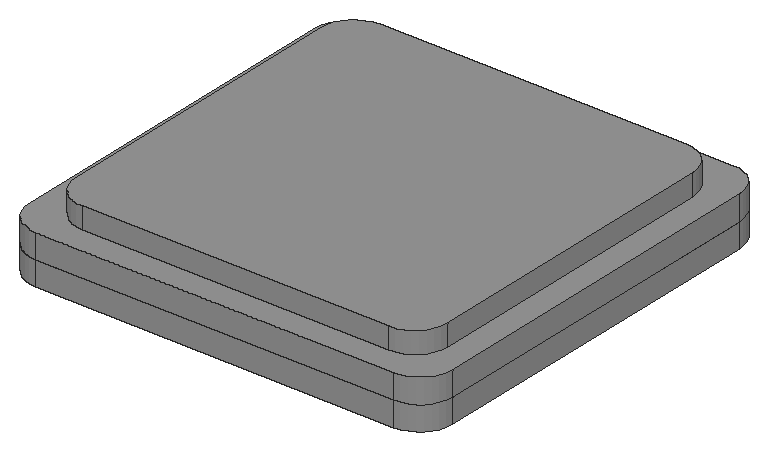
Revit family "FMS2_63_UN_Surface-mounted_ETK", category Lighting Fixtures, Revit 2019 (continued)
Definition of nested family "FMS.2 - Lightsource"
  Types (14, lengths in mm): name | Wattage Comments | Wattage | built-in parameter 1150134 | Photometric Web File | built-in parameter 1150142 | built-in parameter 1150105 | Lumens | built-in parameter 1150107 | built-in parameter 1150106 | Apparent Load
      702\t236.7034\t232.9747\t229.1079\t225.3792\r\n221.5124\t217.7837\t214.055\t210.3263\t206.4595\t202.7308\t199.0021\t195.2734\t190.9923\t186.7112\r\n182.5682\t178.2871\t174.1441\t170.0011\t165.8581\t161.7151\t157.5721\t153.4291\t149.4242\t145.2812\r\n141.2763\t137.2438\t133.2389\t129.2478\t125.2705\t121.307\t117.3574\t113.4353\t109.5685\t105.8675\r\n102.1802\t98.5205\t94.8609\t91.2012\t87.583\t83.9786\t80.4018\t76.8388\t73.3035\t69.7819\r\n66.288\t62.7941\t59.3278\t55.8615\t52.4228\t47.3821\t37.7704\t28.1586\t18.533\t8.9033\r\n0\t0\t0\t0\t0\t0\t0\t0\t0\t0\r\n0\r\n502.9602\t502.5459\t501.9935\t501.7173\t501.4411\t501.1649\t500.8887\t500.4744\t500.0601\t499.6458\r\n499.2315\t498.6791\t498.1267\t497.5743\t496.8838\t496.1933\t495.5028\t494.8123\t493.9837\t493.1551\r\n492.1884\t491.2217\t490.3931\t489.4264\t488.4597\t487.493\t486.3882\t485.1453\t483.9024\t482.6595\r\n481.4166\t480.1737\t478.7927\t477.2736\t475.8926\t474.3735\t472.8544\t471.4734\t469.8162\t468.159\r\n466.5018\t464.8446\t463.1874\t461.5302\t459.7349\t457.9396\t456.0062\t454.2109\t452.2775\t450.206\r\n448.2726\t446.3392\t444.2677\t442.1962\t440.1247\t437.9151\t435.8436\t433.634\t431.5625\t429.2148\r\n427.0052\t424.6575\t422.3098\t420.1002\t417.7525\t415.2667\t412.2285\t409.1903\t406.014\t402.8377\r\n399.6614\t396.4851\t393.3088\t390.2706\t387.0943\t383.7799\t380.6036\t377.2892\t374.1129\t370.7985\r\n367.4841\t364.1697\t360.9934\t357.679\t354.3646\t350.9121\t347.5977\t344.1452\t340.8308\t337.5164\r\n334.0639\t330.6114\t327.1589\t323.8445\t320.392\t317.0776\t313.6251\t310.1726\t306.7201\t303.2676\r\n299.8151\t296.3626\t292.9101\t289.5957\t286.1432\t282.6907\t279.2382\t275.7857\t272.057\t268.1902\r\n264.1853\t260.1804\t256.3136\t252.3087\t248.1657\t244.1608\t240.1559\t236.2891\t232.2842\t228.2793\r\n224.4125\t220.4076\t216.5408\t212.5359\t208.6691\t204.6642\t200.7974\t196.9306\t193.0638\t189.197\r\n185.3302\t181.6015\t177.7347\t174.006\t170.1392\t165.9962\t161.7151\t157.5721\t153.291\t149.148\r\n145.005\t140.862\t136.7742\t132.6727\t128.5849\t124.5248\t120.4922\t116.5012\t112.5239\t108.5742\r\n104.6384\t100.7163\t96.8081\t93.038\t89.4059\t85.8153\t82.2385\t78.7032\t75.1816\t71.6877\r\n68.2214\t64.7689\t61.344\t57.933\t54.5495\t51.1799\t47.824\t44.482\t34.9807\t24.9409\r\n14.8872\t4.8073\t0\t0\t0\t0\t0\t0\t0\t0\r\n0\r\n502.9602\t502.5459\t502.1316\t501.9935\t501.7173\t501.5792\t501.303\t501.0268\t500.6125\t500.3363\r\n499.922\t499.3696\t498.8172\t498.2648\t497.7124\t497.16\t496.4695\t495.779\t494.9504\t494.1218\r\n493.2932\t492.3265\t491.4979\t490.6693\t489.7026\t488.5978\t487.493\t486.2501\t485.0072\t483.7643\r\n482.5214\t481.1404\t479.7594\t478.3784\t476.8593\t475.3402\t473.9592\t472.302\t470.6448\t468.9876\r\n467.3304\t465.6732\t463.8779\t462.2207\t460.2873\t458.492\t456.4205\t454.4871\t452.5537\t450.4822\r\n448.4107\t446.3392\t444.2677\t442.0581\t439.9866\t437.777\t435.5674\t433.2197\t430.872\t428.5243\r\n426.3147\t423.8289\t421.4812\t419.1335\t416.6477\t414.1619\t411.538\t408.9141\t406.4283\t403.8044\r\n401.3186\t398.6947\t395.9327\t393.3088\t390.6849\t387.9229\t385.1609\t381.9846\t378.6702\t375.3558\r\n371.9033\t368.5889\t365.1364\t361.6839\t358.3695\t354.917\t351.4645\t348.012\t344.4214\t340.9689\r\n337.5164\t334.0639\t330.4733\t326.8827\t323.4302\t319.9777\t316.3871\t312.6584\t309.0678\t305.6153\r\n302.0247\t298.4341\t294.8435\t291.2529\t287.6623\t284.0717\t280.4811\t276.8905\t273.2999\t269.5712\r\n265.9806\t262.39\t258.7994\t255.0707\t251.4801\t247.8895\t244.2989\t240.5702\t236.9796\t233.2509\r\n229.1079\t224.9649\t220.96\t216.817\t212.674\t208.531\t204.5261\t200.5212\t196.3782\t192.3733\r\n188.3684\t184.3635\t180.3586\t176.3537\t172.4869\t168.482\t164.6152\t160.6103\t156.7435\t152.8767\r\n149.0099\t145.2812\t141.4144\t137.2576\t133.0179\t128.8197\t124.6491\t120.5475\t116.4735\t112.4134\r\n108.3809\t104.3622\t100.3849\t96.4352\t92.4994\t88.605\t84.7244\t80.899\t77.1979\t73.6902\r\n70.21\t66.7713\t63.3741\t60.0045\t56.6624\t53.3342\t50.0198\t46.733\t43.4739\t40.2147\r\n33.434\t22.676\t11.8849\t1.0588\t0\t0\t0\t0\t0\t0\r\n0\r\n502.9602\t502.684\t502.2697\t502.1316\t502.1316\t501.9935\t501.7173\t501.5792\t501.303\t500.8887\r\n500.6125\t500.0601\t499.6458\t499.2315\t498.6791\t498.1267\t497.4362\t496.7457\t496.0552\t495.2266\r\n494.398\t493.5694\t492.7408\t491.9122\t490.9455\t489.8407\t488.5978\t487.493\t486.3882\t485.2834\r\n483.9024\t482.5214\t481.0023\t479.6213\t478.2403\t476.8593\t475.2021\t473.683\t472.0258\t470.3686\r\n468.7114\t466.9161\t465.1208\t463.3255\t461.3921\t459.4587\t457.5253\t455.4538\t453.5204\t451.4489\r\n449.3774\t447.1678\t445.0963\t442.8867\t440.6771\t438.3294\t435.9817\t433.634\t431.2863\t428.9386\r\n426.4528\t423.967\t421.6193\t418.9954\t416.5096\t413.8857\t411.2618\t408.6379\t405.8759\t403.252\r\n400.49\t397.8661\t395.1041\t392.3421\t389.442\t386.68\t383.7799\t381.0179\t377.9797\t375.0796\r\n372.1795\t369.2794\t366.3793\t363.3411\t360.3029\t357.2647\t354.2265\t351.1883\t348.1501\t345.1119\r\n341.9356\t338.8974\t335.8592\t332.1305\t328.4018\t324.8112\t321.2206\t317.4919\t313.9013\t310.1726\r\n306.4439\t302.7152\t299.1246\t295.3959\t291.6672\t287.8004\t284.0717\t280.343\t276.4762\t272.7475\r\n269.0188\t265.2901\t261.4233\t257.6946\t253.8278\t250.0991\t246.2323\t242.5036\t238.6368\t234.77\r\n231.0413\t227.3126\t223.4458\t219.579\t215.8503\t211.9835\t208.2548\t204.5261\t200.7974\t196.9306\r\n193.2019\t189.4732\t185.4683\t181.3253\t177.0442\t172.9012\t168.7582\t164.6152\t160.6103\t156.4673\r\n152.4624\t148.3194\t144.3145\t140.3096\t136.3047\t132.355\t128.4882\t124.6629\t120.8237\t117.0121\r\n113.2282\t109.4304\t105.2184\t101.0754\t97.0152\t93.0103\t89.0469\t85.111\t81.2166\t77.3636\r\n73.5521\t69.7819\t66.067\t62.4074\t59.0239\t55.6819\t52.3675\t49.0669\t45.8078\t42.5624\r\n39.3447\t36.1546\t32.9921\t21.5298\t9.4198\t0\t0\t0\t0\t0\r\n0\r\n502.9602\t502.684\t502.4078\t502.4078\t502.4078\t502.2697\t502.2697\t501.9935\t501.8554\t501.5792\r\n501.303\t500.8887\t500.4744\t500.0601\t499.6458\t499.0934\t498.541\t497.8505\t497.16\t496.3314\r\n495.6409\t494.8123\t494.1218\t493.2932\t492.3265\t491.2217\t490.1169\t489.0121\t488.0454\t486.8025\r\n485.4215\t484.0405\t482.6595\t481.4166\t480.0356\t478.5165\t476.9974\t475.3402\t473.8211\t472.1639\r\n470.3686\t468.5733\t466.778\t464.9827\t463.0493\t461.1159\t459.1825\t457.2491\t455.1776\t453.1061\r\n450.8965\t448.825\t446.6154\t444.4058\t442.1962\t439.8485\t437.5008\t435.1531\t432.6673\t430.1815\r\n427.6957\t425.348\t422.7241\t420.1002\t417.4763\t414.8524\t412.2285\t409.4665\t406.7045\t403.9425\r\n401.3186\t398.5566\t395.6565\t392.7564\t389.8563\t386.9562\t384.0561\t381.0179\t378.1178\t375.0796\r\n372.0414\t369.1413\t366.1031\t362.9268\t359.7505\t356.7123\t353.536\t350.3597\t347.1834\t344.1452\r\n340.9689\t337.5164\t334.202\t331.0257\t327.8494\t324.535\t321.2206\t317.7681\t314.4537\t311.1393\r\n307.8249\t304.5105\t301.1961\t297.7436\t294.2911\t290.8386\t287.248\t283.9336\t280.6192\t277.1667\r\n273.5761\t270.1236\t266.6711\t263.0805\t259.628\t255.7612\t251.8944\t247.8895\t243.8846\t239.8797\r\n236.0129\t232.008\t228.1412\t224.1363\t220.1314\t215.9884\t211.9835\t208.1167\t204.1118\t200.1069\r\n196.102\t192.0971\t188.0922\t184.2254\t180.3586\t176.4918\t172.4869\t168.482\t164.4771\t160.6103\r\n156.7435\t152.8767\t149.0099\t145.1431\t141.4144\t137.589\t133.7913\t129.7864\t125.6158\t121.4728\r\n117.3712\t113.2696\t109.1957\t105.2046\t101.2411\t97.2776\t93.4108\t89.5855\t85.8015\t82.0866\r\n78.4132\t74.5878\t70.7348\t66.9371\t63.1946\t59.5073\t55.8615\t52.2432\t48.625\t45.0206\r\n41.43\t37.8256\t34.1936\t30.603\t27.0814\t20.2869\t6.702\t0\t0\t0\r\n0\r\n502.9602\t502.8221\t502.5459\t502.684\t502.684\t502.684\t502.684\t502.5459\t502.4078\t502.2697\r\n501.9935\t501.7173\t501.4411\t501.0268\t500.6125\t500.1982\t499.7839\t499.0934\t498.4029\t497.7124\r\n497.0219\t496.3314\t495.779\t494.8123\t493.9837\t492.8789\t491.7741\t490.8074\t489.8407\t488.5978\r\n487.3549\t485.9739\t484.731\t483.35\t482.1071\t480.588\t479.0689\t477.5498\t476.0307\t474.3735\r\n472.5782\t470.921\t469.1257\t467.1923\t465.397\t463.4636\t461.5302\t459.5968\t457.5253\t455.4538\r\n453.3823\t451.3108\t449.1012\t446.8916\t444.5439\t442.3343\t439.9866\t437.5008\t435.015\t432.6673\r\n430.1815\t427.6957\t425.2099\t422.586\t419.9621\t417.2001\t414.4381\t411.8142\t409.0522\t406.2902\r\n403.6663\t400.7662\t397.728\t394.8279\t391.9278\t389.0277\t386.1276\t383.0894\t380.0512\t377.013\r\n374.1129\t370.9366\t367.7603\t364.584\t361.4077\t358.2314\t355.0551\t351.8788\t348.7025\t345.3881\r\n342.0737\t338.7593\t335.4449\t332.1305\t328.8161\t325.3636\t321.9111\t318.5967\t315.2823\t311.9679\r\n308.5154\t304.9248\t301.4723\t297.8817\t294.4292\t290.9767\t287.3861\t283.9336\t280.343\t276.7524\r\n273.1618\t269.5712\t265.8425\t262.2519\t258.6613\t255.0707\t251.342\t247.7514\t244.0227\t240.4321\r\n236.7034\t232.9747\t229.246\t225.3792\t221.7886\t218.0599\t214.3312\t210.6025\t206.7357\t203.007\r\n199.2783\t195.6877\t191.959\t188.2303\t184.3635\t180.4967\t176.768\t172.9012\t169.3106\t165.5819\r\n161.8532\t157.9864\t154.3958\t150.6671\t146.9384\t142.7954\t138.7905\t134.6613\t130.6288\t126.6515\r\n122.688\t118.766\t114.8302\t110.8529\t106.917\t103.1055\t99.3077\t95.5238\t91.7675\t88.0388\r\n84.3515\t80.7609\t77.2808\t73.7454\t69.7957\t65.9013\t62.1864\t58.4992\t54.729\t50.8484\r\n46.9264\t42.1896\t37.3975\t32.5916\t27.8548\t23.9465\t20.3559\t16.8206\t4.1223\t0\r\n0\r\n502.9602\t502.8221\t502.8221\t502.8221\t502.9602\t503.0983\t503.2364\t503.0983\t503.0983\t502.9602\r\n502.8221\t502.5459\t502.2697\t501.9935\t501.7173\t501.303\t500.8887\t500.3363\t499.7839\t499.0934\r\n498.541\t497.9886\t497.4362\t496.6076\t495.779\t494.6742\t493.7075\t492.8789\t491.9122\t490.6693\r\n489.4264\t488.1835\t487.0787\t485.8358\t484.5929\t483.0738\t481.6928\t480.1737\t478.6546\t476.9974\r\n475.3402\t473.683\t472.0258\t470.2305\t468.2971\t466.5018\t464.7065\t462.7731\t460.7016\t458.7682\r\n456.6967\t454.6252\t452.5537\t450.3441\t447.9964\t445.7868\t443.5772\t441.0914\t438.6056\t436.2579\r\n433.9102\t431.4244\t428.9386\t426.3147\t423.6908\t420.9288\t418.3049\t415.5429\t412.919\t410.2951\r\n407.5331\t404.633\t401.5948\t398.8328\t395.9327\t393.0326\t390.1325\t387.0943\t383.918\t381.0179\r\n378.1178\t375.0796\t371.9033\t368.727\t365.5507\t362.3744\t359.1981\t356.0218\t352.8455\t349.393\r\n346.0786\t342.7642\t339.5879\t336.1354\t332.6829\t329.3685\t325.916\t322.6016\t319.4253\t315.9728\r\n312.5203\t308.9297\t305.3391\t301.8866\t298.4341\t294.8435\t291.2529\t287.6623\t284.0717\t280.4811\r\n276.8905\t273.2999\t269.5712\t265.8425\t262.2519\t258.6613\t254.9326\t251.2039\t247.4752\t243.7465\r\n240.0178\t236.2891\t232.5604\t228.6936\t224.9649\t221.0981\t217.3694\t213.5026\t209.7739\t205.9071\r\n202.1784\t198.4497\t194.721\t190.7161\t186.7112\t182.8444\t178.9776\t175.2489\t171.6583\t167.6534\r\n163.7866\t159.9198\t156.053\t152.1862\t148.3194\t144.5907\t140.7239\t137.0642\t133.3494\t129.3997\r\n125.45\t121.6661\t117.8683\t114.2363\t110.6043\t106.9584\t103.2988\t99.6392\t95.9795\t92.5408\r\n89.0883\t85.5115\t81.9347\t78.5513\t75.1816\t71.9225\t68.6633\t65.5008\t62.3383\t59.1482\r\n55.9581\t53.0995\t50.2408\t47.244\t44.2472\t41.2229\t38.2123\t35.5193\t32.8402\t30.4234\r\n14.2519\r\n502.9602\t502.8221\t502.684\t502.684\t502.8221\t502.8221\t502.8221\t502.8221\t502.684\t502.4078\r\n502.2697\t501.9935\t501.7173\t501.303\t501.0268\t500.6125\t500.0601\t499.5077\t498.8172\t498.1267\r\n497.4362\t496.8838\t496.1933\t495.3647\t494.5361\t493.5694\t492.4646\t491.4979\t490.5312\t489.2883\r\n488.0454\t486.8025\t485.5596\t484.1786\t482.9357\t481.4166\t480.0356\t478.5165\t476.9974\t475.2021\r\n473.5449\t471.8877\t470.2305\t468.2971\t466.3637\t464.5684\t462.7731\t460.7016\t458.7682\t456.6967\r\n454.6252\t452.5537\t450.3441\t448.1345\t445.9249\t443.5772\t441.3676\t438.8818\t436.396\t434.0483\r\n431.5625\t429.0767\t426.5909\t423.967\t421.3431\t418.7192\t415.9572\t413.3333\t410.5713\t407.9474\r\n405.1854\t402.2853\t399.3852\t396.4851\t393.585\t390.6849\t387.7848\t384.7466\t381.7084\t378.8083\r\n375.7701\t372.7319\t369.5556\t366.5174\t363.3411\t360.1648\t356.9885\t353.8122\t350.6359\t347.3215\r\n344.0071\t340.6927\t337.3783\t334.0639\t330.6114\t327.297\t323.9826\t320.6682\t317.3538\t314.0394\r\n310.4488\t306.9963\t303.5438\t300.0913\t296.6388\t293.1863\t289.5957\t286.0051\t282.4145\t278.8239\r\n275.3714\t271.7808\t268.1902\t264.4615\t260.8709\t257.1422\t253.5516\t249.961\t246.2323\t242.6417\r\n238.913\t235.3224\t231.5937\t227.865\t224.1363\t220.4076\t216.5408\t212.8121\t209.2215\t205.4928\r\n201.7641\t198.0354\t194.3067\t190.4399\t186.7112\t182.9825\t179.2538\t175.6632\t171.9345\t168.0677\r\n164.2009\t160.3341\t156.7435\t153.1529\t149.5623\t145.4193\t141.2763\t137.1057\t133.0593\t129.1373\r\n125.1738\t121.1551\t117.164\t113.2144\t109.32\t105.536\t101.7935\t97.9267\t94.1013\t90.3726\r\n86.6992\t83.1638\t79.7389\t76.2588\t72.2815\t68.3733\t64.7137\t61.0954\t57.5325\t54.0109\r\n50.5446\t46.6916\t42.8662\t39.0685\t35.2707\t31.473\t27.7167\t24.0156\t6.0239\t0\r\n0\r\n502.9602\t502.8221\t502.5459\t502.5459\t502.5459\t502.5459\t502.5459\t502.4078\t502.2697\t501.9935\r\n501.7173\t501.4411\t501.1649\t500.7506\t500.3363\t499.7839\t499.3696\t498.6791\t498.1267\t497.2981\r\n496.6076\t495.9171\t495.2266\t494.398\t493.5694\t492.4646\t491.3598\t490.3931\t489.4264\t488.1835\r\n486.9406\t485.5596\t484.3167\t482.9357\t481.6928\t480.1737\t478.7927\t477.2736\t475.6164\t473.9592\r\n472.302\t470.5067\t468.8495\t467.0542\t465.1208\t463.3255\t461.3921\t459.4587\t457.3872\t455.4538\r\n453.3823\t451.1727\t449.1012\t446.8916\t444.682\t442.4724\t440.1247\t437.777\t435.4293\t432.9435\r\n430.4577\t428.11\t425.6242\t423.0003\t420.5145\t417.8906\t415.1286\t412.5047\t409.8808\t407.1188\r\n404.4949\t401.7329\t398.8328\t396.0708\t393.1707\t390.2706\t387.3705\t384.4704\t381.4322\t378.5321\r\n375.632\t372.5938\t369.5556\t366.5174\t363.4792\t360.3029\t357.2647\t354.0884\t350.9121\t347.8739\r\n344.6976\t341.3832\t338.0688\t335.0306\t331.7162\t328.4018\t325.0874\t321.773\t318.5967\t315.2823\r\n312.106\t308.6535\t305.201\t301.7485\t298.4341\t295.1197\t291.8053\t288.3528\t284.9003\t281.4478\r\n277.8572\t274.4047\t271.0903\t267.7759\t264.1853\t260.3185\t256.3136\t252.3087\t248.4419\t244.5751\r\n240.5702\t236.5653\t232.6985\t228.6936\t224.8268\t220.8219\t216.817\t212.8121\t208.8072\t204.8023\r\n200.7974\t196.9306\t193.0638\t189.197\t185.1921\t181.1872\t177.3204\t173.3155\t169.4487\t165.4438\r\n161.577\t157.7102\t153.9815\t150.1147\t146.2479\t142.3811\t138.5143\t134.5094\t130.2973\t126.1682\r\n122.0804\t118.0617\t114.0706\t110.1071\t106.1575\t102.2078\t98.2167\t94.2809\t90.4417\t86.713\r\n83.0395\t79.2004\t75.3059\t71.4529\t67.6414\t63.8851\t60.1978\t56.5658\t53.0028\t49.4398\r\n45.8492\t42.2862\t38.7923\t35.3122\t31.8735\t24.278\t8.0485\t0\t0\t0\r\n0\r\n502.9602\t502.684\t502.4078\t502.4078\t502.4078\t502.2697\t502.2697\t501.9935\t501.8554\t501.5792\r\n501.303\t500.8887\t500.6125\t500.0601\t499.6458\t499.2315\t498.6791\t498.1267\t497.2981\t496.6076\r\n495.779\t495.0885\t494.398\t493.5694\t492.6027\t491.636\t490.5312\t489.4264\t488.4597\t487.3549\r\n486.112\t484.731\t483.4881\t482.1071\t480.7261\t479.3451\t477.826\t476.445\t474.7878\t473.2687\r\n471.6115\t469.8162\t468.159\t466.3637\t464.5684\t462.635\t460.8397\t458.9063\t456.9729\t454.9014\r\n452.8299\t450.7584\t448.6869\t446.6154\t444.4058\t442.1962\t439.9866\t437.6389\t435.4293\t432.9435\r\n430.5958\t428.2481\t425.7623\t423.4146\t420.7907\t418.3049\t415.8191\t413.1952\t410.5713\t407.9474\r\n405.3235\t402.6996\t399.9376\t397.1756\t394.4136\t391.6516\t388.8896\t385.9895\t383.0894\t380.1893\r\n377.4273\t374.6653\t371.6271\t368.727\t365.6888\t362.7887\t359.8886\t356.8504\t353.8122\t350.774\r\n347.7358\t344.6976\t341.6594\t337.9307\t334.3401\t330.7495\t327.297\t323.5683\t319.8396\t316.1109\r\n312.5203\t308.9297\t305.3391\t301.7485\t297.8817\t294.0149\t290.4243\t286.6956\t282.9669\t279.3763\r\n275.6476\t271.7808\t268.0521\t264.1853\t260.4566\t256.7279\t253.1373\t249.2705\t245.4037\t241.675\r\n237.9463\t234.2176\t230.3508\t226.6221\t222.8934\t219.0266\t215.2979\t211.5692\t207.8405\t204.1118\r\n200.3831\t196.6544\t192.7876\t188.5065\t184.3635\t180.2205\t176.0775\t171.9345\t167.7915\t163.6485\r\n159.5055\t155.6387\t151.6338\t147.6289\t143.4859\t139.481\t135.5866\t131.6783\t127.8254\t124.0414\r\n120.2713\t116.4873\t112.2339\t108.008\t103.8788\t99.8049\t95.7585\t91.7536\t87.7625\t83.8267\r\n79.9185\t76.0793\t72.2815\t68.5114\t64.8656\t61.3164\t57.781\t54.2733\t50.7932\t47.3407\r\n43.902\t40.4771\t37.0937\t24.1951\t10.5771\t0\t0\t0\t0\t0\r\n0\r\n502.9602\t502.684\t502.4078\t502.2697\t502.1316\t501.9935\t501.8554\t501.7173\t501.4411\t501.1649\r\n500.8887\t500.4744\t500.0601\t499.6458\t499.0934\t498.541\t497.9886\t497.4362\t496.7457\t496.0552\r\n495.2266\t494.398\t493.5694\t492.8789\t491.9122\t490.9455\t489.9788\t488.7359\t487.6311\t486.6644\r\n485.5596\t484.1786\t482.9357\t481.5547\t480.1737\t478.7927\t477.4117\t475.8926\t474.3735\t472.8544\r\n471.3353\t469.6781\t467.8828\t466.2256\t464.4303\t462.7731\t460.8397\t458.9063\t457.111\t455.1776\r\n453.2442\t451.1727\t449.1012\t447.0297\t444.9582\t442.8867\t440.6771\t438.4675\t436.2579\t434.0483\r\n431.7006\t429.491\t427.1433\t424.7956\t422.4479\t419.9621\t417.6144\t415.1286\t412.6428\t410.157\r\n407.5331\t404.9092\t402.4234\t399.9376\t397.3137\t394.5517\t391.9278\t388.8896\t385.5752\t382.2608\r\n378.8083\t375.4939\t372.1795\t368.8651\t365.5507\t362.0982\t358.6457\t355.3313\t351.8788\t348.5644\r\n345.1119\t341.6594\t338.0688\t334.6163\t331.1638\t327.7113\t324.1207\t320.6682\t317.2157\t313.6251\r\n310.1726\t306.582\t302.9914\t299.4008\t295.9483\t292.4958\t289.0433\t285.4527\t281.724\t278.1334\r\n274.5428\t271.0903\t267.4997\t264.0472\t260.4566\t256.7279\t253.1373\t249.5467\t245.9561\t242.3655\r\n238.2225\t234.2176\t230.0746\t225.9316\t221.9267\t217.9218\t213.9169\t209.7739\t205.769\t201.7641\r\n197.6211\t193.6162\t189.7494\t185.7445\t181.8777\t178.0109\t174.006\t170.1392\t166.1343\t162.2675\r\n158.4007\t154.672\t150.9433\t146.8003\t142.5192\t138.2381\t133.9846\t129.7726
